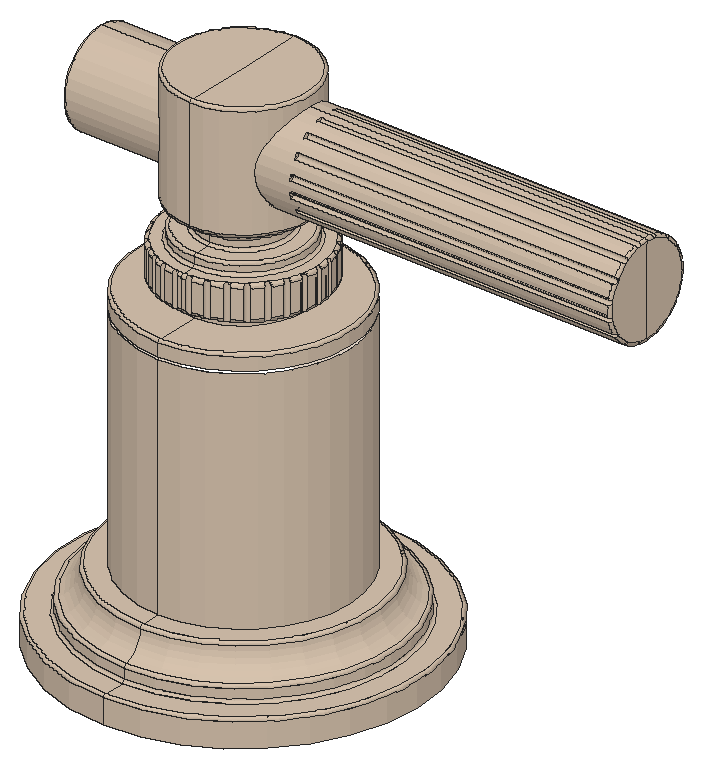
Revit family "Faucet-Handle-KALLISTA-Central_Park_West-P21248", category Plumbing Fixtures, host Face, Revit 2021 (continued)
Definition of nested family "P21248"
  Lines and regions (in)
    symbolic lines, detail levels medium+fine
      curve 198: arc (0.6012, 0.26951, 0) -> (0.59052, 0.28019, 0) -> (0.6012, 0.29087, 0) r 0.01068
      curve 199: arc (0.6012, 0.17419, 0) -> (0.5849, 0.19049, 0) -> (0.6012, 0.20679, 0) r 0.0163
      curve 200: arc (0.6012, 0.05247, 0) -> (0.58178, 0.07189, 0) -> (0.6012, 0.09132, 0) r 0.01943
      curve 201: arc (0.6012, -0.05247, 0) -> (0.58178, -0.07189, 0) -> (0.6012, -0.09132, 0) r 0.01943
      curve 202: arc (0.6012, -0.17419, 0) -> (0.5849, -0.19049, 0) -> (0.6012, -0.20679, 0) r 0.0163
      curve 203: arc (0.6012, -0.26951, 0) -> (0.59052, -0.28019, 0) -> (0.6012, -0.29087, 0) r 0.01068
  Dimensions and locks (in)
    plane 3 "Center (Left/Right)" to plane 15 = 2.91732"
    plane 10 to level = 2.94882"
    plane 8 to level = 3.61417"
    plane 14 to plane 13 = 2.52362"
    plane 6 to plane 7 = 1.53543"
    plane 16 to level = 3.2815"
    aligned and locked: plane 2 to level
Types (7): name | Type | Product Page URL | Model | Finish
  (no name) | 1 | "https://www.kallista.com/bathroom/faucets/diverters/central-park-west-deck-mount-diverter-lever-handle-p21248-lv-baf" | "P21248-LV-BAF" | Kallista-Metal-BAF-Brushed_French_Gold
  BAF-Brushed French Gold | 1 | "https://www.kallista.com/bathroom/faucets/diverters/central-park-west-deck-mount-diverter-lever-handle-p21248-lv-baf" | "P21248-LV-BAF" | Kallista-Metal-BAF-Brushed_French_Gold
  BN-Brushed Nickel | 2 | "" | "P21248-LV-BN" | Kallista-Metal-BN-Brushed_Nickel
  BV-Brushed Bronze | 3 | "https://www.kallista.com/bathroom/faucets/diverters/central-park-west-deck-mount-diverter-lever-handle-p21248-lv-bv" | "P21248-LV-BV" | Kallista-Metal-BV-Brushed_Bronze
  CP-Chrome | 4 | "https://www.kallista.com/bathroom/faucets/diverters/central-park-west-deck-mount-diverter-lever-handle-p21248-lv-cp" | "P21248-LV-CP" | Kallista-Metal-CP-Chrome
  SN-Polished Nickel | 5 | "https://www.kallista.com/bathroom/faucets/diverters/central-park-west-deck-mount-diverter-lever-handle-p21248-lv-sn" | "P21248-LV-SN" | Kallista-Metal-SN-Polished_Nickel
  ULB-Unlaquered Brass | 6 | "https://www.kallista.com/bathroom/faucets/diverters/central-park-west-deck-mount-diverter-lever-handle-p21248-lv-ulb" | "P21248-LV-ULB" | Kallista-Metal-ULB-Unlaquered_Brass
